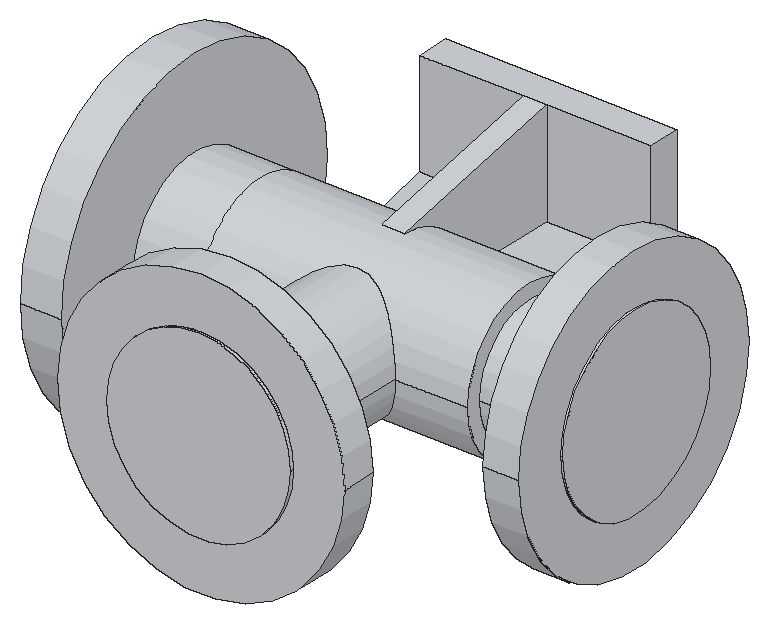
Revit family "995fd19eb1b3496b9f72df5599161786", category Pipe Fittings, Revit 2021
Family settings
  Round Connector Dimension = Use Radius
  Part Type = Tee
  OmniClass Number = 23.60.30.11.14
  OmniClass Title = Pipework Fittings
  Seek Item ID = Tee Reducing Square Base - Flanged - GI - Class 250-0000-USA-ENU
  Work Plane-Based = No
  Always vertical = Yes
  Cut with Voids When Loaded = No
  Shared = No
Parameters (values of type "Standard")
  Tick Size 3 [instance] = Flange Diameter 3 * 0.4  # 2.59843"
  Tick Size 2 [instance] = Flange Diameter 2 * 0.4  # 2.59843"
  Tick Size 1 [instance] = Flange Diameter 1 * 0.4  # 3.00787"
  Loss Method = K Coefficient from Table
  Lookup Table Name = "Tee Reducing Square Base - Flanged - GI - Class 250"
  Length 5 [instance] = Square Base Width / 2  # 2.61811"
  Square Base Width [instance] = size_lookup(Lookup Table Name, "SBW", 0.57 * Max Nominal Diameter 123 + 4 109/256", Max Nominal Diameter 123)  # 5.23622"
  Ribs Thickness [instance] = size_lookup(Lookup Table Name, "RThk", 0.04 * Max Nominal Diameter 123 + 65/128", Max Nominal Diameter 123)  # 0.51181"
  Ribs Length [instance] = 0.85 * Square Base Width  # 4.45079"
  K Coefficient Table = "Flanged Tee"
  Default Elevation = 0' - 0"
  Center to Face 34 [instance] = if(not(Max Nominal Diameter 123 > 16"), Center to Face, if(and(Max Nominal Diameter 123 > 16", not(Nominal Diameter 3 > Outlet Size and Smaller)), Center to Face Outlet, Center to Face))  # 5.51181"
  Center to Face 12 [instance] = if(not(Max Nominal Diameter 123 > 16"), Center to Face, if(and(Max Nominal Diameter 123 > 16", not(Nominal Diameter 3 > Outlet Size and Smaller)), Center to Face Run, Center to Face))  # 5.51181"
  Raised Face Thickness [instance] = 1/16"  # constant formula
  Raised Face Radius 3 [instance] = Raised Face Diameter 3 / 2  # 2.08661"
  Raised Face Radius 2 [instance] = Raised Face Diameter 2 / 2  # 2.08661"
  Raised Face Radius 1 [instance] = Raised Face Diameter 1 / 2  # 2.46063"
  Raised Face Diameter 3 [instance] = size_lookup(Lookup Table Name, "RFD", 1.2 * Nominal Diameter 3 + 2 1/256", Nominal Diameter 3)  # 4.17323"
  Raised Face Diameter 2 [instance] = size_lookup(Lookup Table Name, "RFD", 1.2 * Nominal Diameter 2 + 2 1/256", Nominal Diameter 2)  # 4.17323"
  Raised Face Diameter 1 [instance] = size_lookup(Lookup Table Name, "RFD", 1.2 * Nominal Diameter 1 + 2 1/256", Nominal Diameter 1)  # 4.92126"
  Radius 1 [instance] = if(Flange Radius 1 > Flange Radius 2, Flange Radius 1, Flange Radius 2)  # 3.75984"
  Outlet Size and Smaller [instance] = size_lookup(Lookup Table Name, "OSaS", 0.64 * Max Nominal Diameter 123 + 45/64", Max Nominal Diameter 123)  # 1"
  Nominal Radius 3 [instance] = 1"
  Nominal Radius 2 [instance] = 1"
  Nominal Radius 1 [instance] = 1 1/4"
  Nominal Diameter 3 [instance] = Nominal Radius 3 * 2  # 2"
  Nominal Diameter 2 [instance] = Nominal Radius 2 * 2  # 2"
  Nominal Diameter 1 [instance] = Nominal Radius 1 * 2  # 2 1/2"
  Wall Thickness 3 [instance] = size_lookup(Lookup Table Name, "WThk", 0.06 * Nominal Diameter 3 + 97/256", Nominal Diameter 3)  # 0.43701"
  Wall Thickness 2 [instance] = size_lookup(Lookup Table Name, "WThk", 0.06 * Nominal Diameter 2 + 97/256", Nominal Diameter 2)  # 0.43701"
  Wall Thickness 1 [instance] = size_lookup(Lookup Table Name, "WThk", 0.06 * Nominal Diameter 1 + 97/256", Nominal Diameter 1)  # 1/2"
  Outlet Length Label 2 [instance] = Outlet Length Label 1 - Flange Thickness 3  # 4.6378"
  Outlet Length Label 1 [instance] = if(not(Angle = 90.00°), if(not(Center to Face 34 < Outlet Length 4), Center to Face 34, Outlet Length 4), Center to Face 34)  # 5.51181"
  Run Length Label [instance] = if(not(Angle = 90.00°), if(not(Center to Face 12 < Run Length), Center to Face 12, Run Length), Center to Face 12)  # 5.51181"
  Length 4 [instance] = Ribs Thickness / 2  # 0.25591"
  Length 3 [instance] = if(Max Fitting Outside Radius 12 > 0.5 * Ribs Length, 0.5 * Ribs Length, Max Fitting Outside Radius 12)  # 1.75984"
  Flange Length 3 [instance] = Flange Thickness 3 - Raised Face Thickness  # 0.81152"
  Flange Length 2 [instance] = Flange Thickness 2 - Raised Face Thickness  # 0.81152"
  Flange Length 1 [instance] = Flange Thickness 1 - Raised Face Thickness  # 15/16"
  Center to Base [instance] = size_lookup(Lookup Table Name, "CtB", 0.75 * Max Nominal Diameter 123 + 2 253/256", Max Nominal Diameter 123)  # 4.76378"
  Max Fitting Outside Radius 12 [instance] = if(Fitting Outside Radius 1 > Fitting Outside Radius 2, Fitting Outside Radius 1, Fitting Outside Radius 2)  # 1.75984"
  Length 2 [instance] = (Run Length Label - Flange Thickness 2) * 2 / 3  # 3.09186"
  Length 1 [instance] = (Run Length Label - Flange Thickness 1) * 2 / 3  # 3.00787"
  Outlet Length 4 [instance] = if(Angle < 90.00°, Outlet Length 1, if(Angle = 90.00°, Outlet Length 2, Outlet Length 3))  # 6.38583"
  Outlet Length 3 [instance] = if(Angle > 90.00°, Radius 1 / sin(180.00° - Angle) + Flange Radius 3 / tan(180.00° - Angle), 0") + Flange Thickness 3  # 0.87402"
  Outlet Length 2 [instance] = if(Angle = 90.00°, Center to Face 34, 0") + Flange Thickness 3  # 6.38583"
  Outlet Length 1 [instance] = if(Angle < 90.00°, Radius 1 / sin(Angle) + Flange Radius 3 / tan(Angle), 0") + Flange Thickness 3  # 0.87402"
  Run Length [instance] = Run Length 4  # 6.51181"
  Run Length 4 [instance] = if(Angle < 90.00°, Run Length 1, if(Angle = 90.00°, Run Length 2, Run Length 3))  # 6.51181"
  Run Length 3 [instance] = if(Angle > 90.00°, Radius 1 / tan(180.00° - Angle) + Flange Radius 3 / sin(180.00° - Angle), 0") + Max Flange Thickness 12  # 1"
  Run Length 2 [instance] = if(Angle = 90.00°, Center to Face 12, 0") + Max Flange Thickness 12  # 6.51181"
  Run Length 1 [instance] = if(Angle < 90.00°, Radius 1 / tan(Angle) + Flange Radius 3 / sin(Angle), 0") + Max Flange Thickness 12  # 1"
  Fitting Outside Radius 3 [instance] = Fitting Outside Diameter 3 / 2  # 1.44094"
  Fitting Outside Radius 2 [instance] = Fitting Outside Diameter 2 / 2  # 1.44094"
  Fitting Outside Radius 1 [instance] = Fitting Outside Diameter 1 / 2  # 1.75984"
  Fitting Outside Diameter 3 [instance] = Fitting Inside Diameter 3 + Wall Thickness 3 * 2  # 2.88189"
  Fitting Outside Diameter 2 [instance] = Fitting Inside Diameter 2 + Wall Thickness 2 * 2  # 2.88189"
  Fitting Outside Diameter 1 [instance] = Fitting Inside Diameter 1 + Wall Thickness 1 * 2  # 3.51969"
  Fitting Inside Diameter 3 [instance] = size_lookup(Lookup Table Name, "FID", 0.97 * Nominal Diameter 3 + 13/128", Nominal Diameter 3)  # 2.00787"
  Fitting Inside Diameter 2 [instance] = size_lookup(Lookup Table Name, "FID", 0.97 * Nominal Diameter 2 + 13/128", Nominal Diameter 2)  # 2.00787"
  Fitting Inside Diameter 1 [instance] = size_lookup(Lookup Table Name, "FID", 0.97 * Nominal Diameter 1 + 13/128", Nominal Diameter 1)  # 2.51969"
  Center to Face Outlet [instance] = size_lookup(Lookup Table Name, "CtFO", 0.72 * Max Nominal Diameter 123 + 4 85/256", Max Nominal Diameter 123)  # 0.03937"
  Center to Face Run [instance] = size_lookup(Lookup Table Name, "CtFR", 0.53 * Max Nominal Diameter 123 + 4 23/32", Max Nominal Diameter 123)  # 0.03937"
  Max Flange Thickness 12 [instance] = if(Flange Thickness 1 > Flange Thickness 2, Flange Thickness 1, Flange Thickness 2)  # 1"
  Flange Thickness 3 [instance] = size_lookup(Lookup Table Name, "FThk", 0.08 * Nominal Diameter 3 + 217/256", Nominal Diameter 3)  # 0.87402"
  Flange Thickness 2 [instance] = size_lookup(Lookup Table Name, "FThk", 0.08 * Nominal Diameter 2 + 217/256", Nominal Diameter 2)  # 0.87402"
  Flange Thickness 1 [instance] = size_lookup(Lookup Table Name, "FThk", 0.08 * Nominal Diameter 1 + 217/256", Nominal Diameter 1)  # 1"
  Flange Radius 3 [instance] = Flange Diameter 3 / 2  # 3.24803"
  Flange Radius 2 [instance] = Flange Diameter 2 / 2  # 3.24803"
  Flange Radius 1 [instance] = Flange Diameter 1 / 2  # 3.75984"
  Flange Diameter 3 [instance] = size_lookup(Lookup Table Name, "FDia", 1.34 * Nominal Diameter 3 + 4 3/16", Nominal Diameter 3)  # 6.49606"
  Flange Diameter 2 [instance] = size_lookup(Lookup Table Name, "FDia", 1.34 * Nominal Diameter 2 + 4 3/16", Nominal Diameter 2)  # 6.49606"
  Flange Diameter 1 [instance] = size_lookup(Lookup Table Name, "FDia", 1.34 * Nominal Diameter 1 + 4 3/16", Nominal Diameter 1)  # 7.51969"
  Center to Face [instance] = size_lookup(Lookup Table Name, "CtF", 0.82 * Max Nominal Diameter 123 + 3 63/128", Max Nominal Diameter 123)  # 5.51181"
  Max Nominal Diameter 123 [instance] = if(Nominal Diameter 3 > Max Nominal Diameter 12, Nominal Diameter 3, Max Nominal Diameter 12)  # 2 1/2"
  Max Nominal Diameter 12 [instance] = if(Nominal Diameter 1 > Nominal Diameter 2, Nominal Diameter 1, Nominal Diameter 2)  # 2 1/2"
  Base Thickness [instance] = size_lookup(Lookup Table Name, "BThk", 0.05 * Max Nominal Diameter 123 + 89/128", Max Nominal Diameter 123)  # 0.74803"
  Angle [instance] = 90.00°
Reference planes (in)
  plane 1 "Center (Front/Back)": y = 0
  plane 2: z = 0
  plane 3 "Center (Left/Right)": x = 0
  plane 4: x = -5.51181
  plane 5: x = -5.44931
  plane 6: x = -4.51181
  plane 7: x = 5.51181
  plane 8: x = 5.44931
  plane 9: x = 4.6378
  plane 10: x = -3.00787
  plane 11: x = 3.09186
  plane 12: x = -4.51181
  plane 13: x = 4.6378
  plane 14: x = -3.00787
  plane 15: x = 3.09186
  plane 16: y = 3.00787
  plane 17: y = -3.00787
  plane 18: y = 2.59843
  plane 19: y = -2.59843
  plane 20: x = -2.61811
  plane 21: x = 2.61811
  plane 22: x = -1.75984
  plane 23: x = 1.75984
  plane 24: x = -0.25591
  plane 25: x = 0.25591
  plane 26: y = 4.76378
  plane 27: y = 4.01575
  plane 28: z = 0.25591
  plane 29: z = -0.25591
  plane 30: z = 2.61811
  plane 31: z = -2.61811
  plane 32: z = 1.75984
  plane 33: z = -1.75984
  plane 34: z = 2.61811
  plane 35: z = -2.61811
  plane 36: x = -2.61811
  plane 37: x = 2.61811
Forms (in)
  Sweep 1, solid, detail levels fine
    path in 3D
      loop
        line (-5.51181, 0, 0) -> (-5.44931, 0, 0)
    profile origin (-5.48056, 0, 0) x (0, 1, 0) y (0, 0, 1)
      loop
        circle (0, 0) r 2.46063
  Sweep 2, solid, detail levels fine
    path in 3D
      loop
        line (-5.44931, 0, 0) -> (-4.51181, 0, 0)
    profile origin (-4.98056, 0, 0) x (0, 1, 0) y (0, 0, 1)
      loop
        circle (0, 0) r 3.75984
  Sweep 3, solid, detail levels fine
    path in 3D
      loop
        line (-4.51181, 0, 0) -> (-3.00787, 0, 0)
    profile origin (-3.75984, 0, 0) x (0, 1, 0) y (0, 0, 1)
      loop
        circle (0, 0) r 1.75984
  Sweep 4, solid, detail levels fine
    path in 3D
      loop
        line (-3.00787, 0, 0) -> (3.09186, 0, 0)
    profile origin (0.04199, 0, 0) x (0, 1, 0) y (0, 0, 1)
      loop
        circle (0, 0) r 1.75984
  Sweep 5, solid, detail levels fine
    path in 3D
      loop
        line (3.09186, 0, 0) -> (4.6378, 0, 0)
    profile origin (3.86483, 0, 0) x (0, 1, 0) y (0, 0, 1)
      loop
        circle (0, 0) r 1.44094
  Sweep 6, solid, detail levels fine
    path in 3D
      loop
        line (4.6378, 0, 0) -> (5.44931, 0, 0)
    profile origin (5.04355, 0, 0) x (0, 1, 0) y (0, 0, 1)
      loop
        circle (0, 0) r 3.24803
  Sweep 7, solid, detail levels fine
    path in 3D
      loop
        line (5.44931, 0, 0) -> (5.51181, 0, 0)
    profile origin (5.48056, 0, 0) x (0, 1, 0) y (0, 0, 1)
      loop
        circle (0, 0) r 2.08661
  Sweep 8, solid, detail levels fine
    path in 3D
      loop
        line (0, 0, 0) -> (0, -4.6378, 0)
    profile origin (0, -2.3189, 0) x (1, 0, 0) y (0, 0, 1)
      loop
        circle (0, 0) r 1.44094
  Sweep 9, solid, detail levels fine
    path in 3D
      loop
        line (0, -4.6378, 0) -> (0, -5.44931, 0)
    profile origin (0, -5.04355, 0) x (1, 0, 0) y (0, 0, 1)
      loop
        circle (0, 0) r 3.24803
  Sweep 10, solid, detail levels fine
    path in 3D
      loop
        line (0, -5.44931, 0) -> (0, -5.51181, 0)
    profile origin (0, -5.48056, 0) x (1, 0, 0) y (0, 0, 1)
      loop
        circle (0, 0) r 2.08661
  Extrusion 11, solid, detail levels fine
    sketch origin (0, 0, 0) x (1, 0, 0) y (0, 1, 0)
      loop
        line (-2.61811, 4.01575) -> (-1.75984, 0) -> (1.75984, 0) -> (2.61811, 4.01575) -> (-2.61811, 4.01575)
    from -0.25591 to 0.25591
  Extrusion 12, solid, detail levels fine
    sketch origin (0, 0, 0) x (0, 1, 0) y (0, 0, 1)
      loop
        line (4.01575, 2.61811) -> (0, 1.75984) -> (0, -1.75984) -> (4.01575, -2.61811) -> (4.01575, 2.61811)
    from -0.25591 to 0.25591
  Extrusion 13, solid, detail levels fine
    sketch origin (0, 0, 0) x (1, 0, 0) y (0, 0, 1)
      loop
        line (-2.61811, 2.61811) -> (-2.61811, -2.61811) -> (2.61811, -2.61811) -> (2.61811, 2.61811) -> (-2.61811, 2.61811)
    from -4.76378 to -4.01575
Cuts and joins
  joined: Sweep 1, Sweep 2, Sweep 3, Sweep 4, Sweep 5, Sweep 6, Sweep 7, Sweep 8, Sweep 9, Sweep 10, Extrusion 11, Extrusion 12, Extrusion 13
Lines and regions (in)
  model lines, detail levels coarse+medium
    curve 1: line (-5.51181, 0, 0) -> (-5.44931, 0, 0)
    curve 2: line (-5.44931, 0, 0) -> (-4.51181, 0, 0)
    curve 3: line (-4.51181, 0, 0) -> (-3.00787, 0, 0)
    curve 4: line (3.09186, 0, 0) -> (4.6378, 0, 0)
    curve 5: line (4.6378, 0, 0) -> (5.44931, 0, 0)
    curve 6: line (5.44931, 0, 0) -> (5.51181, 0, 0)
    curve 7: line (-3.00787, 0, 0) -> (3.09186, 0, 0)
    curve 8: line (0, 0, 0) -> (0, -4.6378, 0)
    curve 9: line (0, -4.6378, 0) -> (0, -5.44931, 0)
    curve 10: line (0, -5.44931, 0) -> (0, -5.51181, 0)
    curve 26: line (-5.51181, 3.00787, 0) -> (-5.51181, -3.00787, 0)
    curve 27: line (5.51181, 2.59843, 0) -> (5.51181, -2.59843, 0)
    curve 28: line (0, -5.51181, 0) -> (2.59843, -5.51181, 0)
    curve 29: line (0, -5.51181, 0) -> (-2.59843, -5.51181, 0)
    curve 30: line (-0.25591, 0, 0) -> (-0.25591, 4.76378, 0)
    curve 31: line (0.25591, 4.76378, 0) -> (0.25591, 0, 0)
  reference lines
    curve 11: line (0, 0, 0) -> (0, -5.51181, 0)
    curve 12: line (0, -5.51181, 0) -> (0, -4.6378, 0)
    curve 13: line (-5.51181, 0, 0) -> (-4.51181, 0, 0)
    curve 14: line (4.6378, 0, 0) -> (5.51181, 0, 0)
    curve 25: line (-3.00787, 0, 0) -> (3.09186, 0, 0)
  sketch lines
    curve 15: line (-5.51181, 0, 0) -> (-5.44931, 0, 0)
    curve 16: line (-5.44931, 0, 0) -> (-4.51181, 0, 0)
    curve 17: line (-4.51181, 0, 0) -> (-3.00787, 0, 0)
    curve 18: line (-3.00787, 0, 0) -> (3.09186, 0, 0)
    curve 19: line (3.09186, 0, 0) -> (4.6378, 0, 0)
    curve 20: line (4.6378, 0, 0) -> (5.44931, 0, 0)
    curve 21: line (5.44931, 0, 0) -> (5.51181, 0, 0)
    curve 22: line (0, 0, 0) -> (0, -4.6378, 0)
    curve 23: line (0, -4.6378, 0) -> (0, -5.44931, 0)
    curve 24: line (0, -5.44931, 0) -> (0, -5.51181, 0)
Dimensions and locks (in)
  "Raised Face Thickness": plane 4 to plane 5
  "Flange Length 1": plane 5 to plane 6
  "Run Length Label": plane 4 to plane 3 "Center (Left/Right)"
  "Raised Face Thickness": plane 8 to plane 7
  "Flange Length 2": plane 9 to plane 8
  "Run Length Label": plane 3 "Center (Left/Right)" to plane 7
  "Length 1": plane 10 to plane 3 "Center (Left/Right)"
  "Length 2": plane 3 "Center (Left/Right)" to plane 11
  "Outlet Length Label 2": curve 8 to curve 8
  "Flange Length 3": curve 9 to curve 9
  "Raised Face Thickness": curve 10 to curve 10
  "Outlet Length Label 1": curve 11 to curve 11
  locked: curve 12 to curve 12 at 0.87402
  locked: plane 14 to plane 10
  locked: plane 11 to plane 15
  "Tick Size 1": plane 1 "Center (Front/Back)" to plane 16
  "Tick Size 1": plane 1 "Center (Front/Back)" to plane 17
  "Tick Size 2": plane 1 "Center (Front/Back)" to plane 18
  "Tick Size 2": plane 1 "Center (Front/Back)" to plane 19
  "Tick Size 3": curve 28 to curve 28
  "Tick Size 3": curve 29 to curve 29
  locked: plane 13 to plane 7 at 0.87402
  locked: plane 4 to plane 12 at 1
  "Length 4": plane 24 to plane 3 "Center (Left/Right)"
  "Length 4": plane 3 "Center (Left/Right)" to plane 25
  "Length 3": plane 22 to plane 3 "Center (Left/Right)"
  "Length 3": plane 3 "Center (Left/Right)" to plane 23
  "Length 5": plane 20 to plane 3 "Center (Left/Right)"
  "Length 5": plane 3 "Center (Left/Right)" to plane 21
  "Base Thickness": plane 26 to plane 27
  "Center to Base": plane 26 to plane 1 "Center (Front/Back)"
  "Length 4": plane 28 to plane 2
  "Length 4": plane 2 to plane 29
  "Length 3": plane 32 to plane 2
  "Length 3": plane 2 to plane 33
  "Length 5": plane 30 to plane 2
  "Length 5": plane 2 to plane 31
  "Length 5": plane 3 "Center (Left/Right)" to plane 36
  "Length 5": plane 37 to plane 3 "Center (Left/Right)"
  "Length 5": plane 34 to plane 2
  "Length 5": plane 2 to plane 35
  "Raised Face Radius 1": radius of Sweep 1 sketch curve
  "Flange Radius 1": radius of Sweep 2 sketch curve
  "Fitting Outside Radius 1": radius of Sweep 3 sketch curve
  "Max Fitting Outside Radius 12": radius of Sweep 4 sketch curve
  "Fitting Outside Radius 2": radius of Sweep 5 sketch curve
  "Flange Radius 2": radius of Sweep 6 sketch curve
  "Raised Face Radius 2": radius of Sweep 7 sketch curve
  "Fitting Outside Radius 3": radius of Sweep 8 sketch curve
  "Flange Radius 3": radius of Sweep 9 sketch curve
  "Raised Face Radius 3": radius of Sweep 10 sketch curve
  "Angle": angle curve 8 to plane 1 "Center (Front/Back)"
  "Angle": angle curve 9 to plane 1 "Center (Front/Back)"
  "Angle": angle curve 10 to plane 1 "Center (Front/Back)"
  "Angle": angle curve 11 to plane 1 "Center (Front/Back)"
  "Angle": angle curve 12 to plane 1 "Center (Front/Back)"
  locked: curve 28 to curve 10 (angle 90.00°)
  locked: curve 10 to curve 29 (angle 90.00°)
  aligned and locked: plane 5 to curve 1
  aligned and locked: plane 4 to curve 1
  aligned and locked: plane 1 "Center (Front/Back)" to curve 1
  aligned and locked: plane 6 to curve 2
  aligned and locked: plane 1 "Center (Front/Back)" to curve 2
  aligned and locked: plane 10 to curve 3
  aligned and locked: plane 1 "Center (Front/Back)" to curve 3
  aligned and locked: plane 9 to curve 4
  aligned and locked: plane 11 to curve 4
  aligned and locked: plane 1 "Center (Front/Back)" to curve 5
  aligned and locked: plane 8 to curve 6
  aligned and locked: plane 7 to curve 6
  aligned and locked: plane 1 "Center (Front/Back)" to curve 6
  aligned and locked: plane 1 "Center (Front/Back)" to curve 7
  aligned and locked: plane 3 "Center (Left/Right)" to curve 8
  aligned and locked: plane 1 "Center (Front/Back)" to curve 11
  aligned and locked: plane 4 to curve 13
  aligned and locked: plane 12 to curve 13
  aligned and locked: plane 1 "Center (Front/Back)" to curve 13
  aligned and locked: plane 7 to curve 14
  aligned and locked: plane 13 to curve 14
  aligned and locked: plane 1 "Center (Front/Back)" to curve 14
  aligned and locked: plane 15 to curve 25
  aligned and locked: plane 14 to curve 25
  aligned and locked: plane 1 "Center (Front/Back)" to curve 25
  aligned and locked: plane 16 to curve 26
  aligned and locked: plane 17 to curve 26
  aligned and locked: curve 26 to plane 4
  aligned and locked: plane 18 to curve 27
  aligned and locked: plane 19 to curve 27
  aligned and locked: curve 27 to plane 7
  aligned and locked: plane 3 "Center (Left/Right)" to curve 11
  aligned and locked: plane 1 "Center (Front/Back)" to curve 8
  aligned and locked: Extrusion 11 sketch curve to plane 27
  aligned and locked: plane 27 to Extrusion 11 sketch curve
  aligned and locked: plane 21 to Extrusion 11 sketch curve
  aligned and locked: plane 20 to Extrusion 11 sketch curve
  aligned and locked: plane 1 "Center (Front/Back)" to Extrusion 11 sketch curve  (x2)
  aligned and locked: plane 23 to Extrusion 11 sketch curve
  aligned and locked: plane 22 to Extrusion 11 sketch curve
  aligned and locked: plane 28 to Extrusion 11
  aligned and locked: Extrusion 11 to plane 29
  aligned and locked: plane 27 to Extrusion 12 sketch curve  (x2)
  aligned and locked: plane 1 "Center (Front/Back)" to Extrusion 12 sketch curve  (x2)
  aligned and locked: plane 30 to Extrusion 12 sketch curve
  aligned and locked: plane 32 to Extrusion 12 sketch curve
  aligned and locked: plane 33 to Extrusion 12 sketch curve
  aligned and locked: plane 31 to Extrusion 12 sketch curve
  aligned and locked: Extrusion 12 to plane 24
  aligned and locked: plane 25 to Extrusion 12
  aligned and locked: plane 26 to curve 31
  aligned and locked: curve 31 to plane 25
  aligned and locked: plane 24 to curve 30
  aligned and locked: plane 26 to curve 30
  aligned and locked: plane 20 to Extrusion 13 sketch curve
  aligned and locked: Extrusion 13 sketch curve to plane 30
  aligned and locked: plane 31 to Extrusion 13 sketch curve
  aligned and locked: Extrusion 13 sketch curve to plane 21
  aligned and locked: plane 26 to Extrusion 13
  aligned and locked: Extrusion 13 to plane 27
Automatic sketch dimensions
  Sweep 1 sketch curve to profile plane = 0' - 0"  (x2)
  Sweep 2 sketch curve to profile plane = 0' - 0"  (x2)
  Sweep 3 sketch curve to profile plane = 0' - 0"  (x2)
  Sweep 4 sketch curve to profile plane = 0' - 0"  (x2)
  Sweep 5 sketch curve to profile plane = 0' - 0"  (x2)
  Sweep 6 sketch curve to profile plane = 0' - 0"  (x2)
  Sweep 7 sketch curve to profile plane = 0' - 0"  (x2)
  Sweep 8 sketch curve to profile plane = 0' - 0"  (x2)
  Sweep 9 sketch curve to profile plane = 0' - 0"  (x2)
  Sweep 10 sketch curve to profile plane = 0' - 0"  (x2)
Connectors (in)
  piping at (-5.51181, 0, 0), diameter 2.5, driven by "Nominal Radius 1"
    settings: on cut or joined group 1 (Sweep 1, Sweep 2, Sweep 3, Sweep 4, Sweep 5, Sweep 6, Sweep 7, Sweep 8, Sweep 9, Sweep 10, Extrusion 11, Extrusion 12, Extrusion 13), index 1, connector inside diameter 2 1/2", connector length 0' - 0", flow factor 0, pipe flow 0 GPM, pressure drop 0.00 psi, fitting loss kfactor 0, connector angle 0.00°, fixture units 0, engagement length 0' - 0", angle of deflection 0.00°, flow configuration 0, flow direction 0, fitting loss method 0, system type 28, joint type 0, gender type 0, connector reference index 2, connector utility 0, adjustable connector no, is connector primary yes, connector description ""
  piping at (5.51181, 0, 0), diameter 2, driven by "Nominal Radius 2"
    settings: on cut or joined group 1, index 2, connector inside diameter 2", connector length 0' - 0", flow factor 0, pipe flow 0 GPM, pressure drop 0.00 psi, fitting loss kfactor 0, connector angle 0.00°, fixture units 0, engagement length 0' - 0", angle of deflection 0.00°, flow configuration 0, flow direction 0, fitting loss method 0, system type 28, joint type 0, gender type 0, connector reference index 1, connector utility 0, adjustable connector no, is connector primary no, connector description ""
  piping at (0, -5.51181, 0), diameter 2, driven by "Nominal Radius 3", driven by "Angle"
    settings: on cut or joined group 1, index 3, connector inside diameter 2", connector length 0' - 0", flow factor 0, pipe flow 0 GPM, pressure drop 0.00 psi, fitting loss kfactor 0, connector angle 90.00°, fixture units 0, engagement length 0' - 0", angle of deflection 0.00°, flow configuration 0, flow direction 0, fitting loss method 0, system type 28, joint type 0, gender type 0, connector reference index -1, connector utility 0, adjustable connector no, is connector primary no, connector description ""
